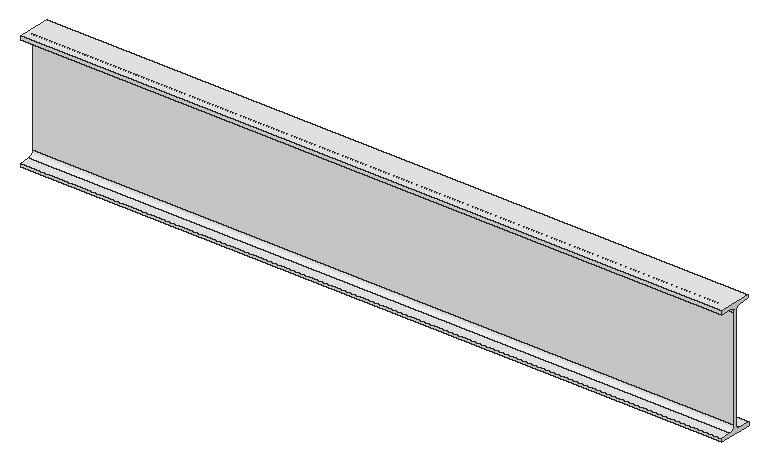
Revit family
Parameters (values of type "M200X9.7")
  시작 확장 계산 [instance] = 3012.5 mm + 시작 확장  # 3000 mm
  시작 확장 [instance] = -12.5 mm
  끝 확장 계산 [instance] = 3012.5 mm + 끝 확장  # 3000 mm
  끝 확장 [instance] = -12.5 mm
  보 재료 [instance] = 금속 - 스틸 - 345 MPa
  Assembly Code = ""
  A = 0.001 m²
  Length [instance] = 1524 mm
  W = 0.095
  bf = 57.9 mm
  d = 203 mm
  k = 14 mm
  tr = k - tf  # 9 mm
  tf = 5 mm
  tw = 3.4 mm
Types (2, lengths in mm): name | A | W | bf | d | tw
  M310X16.1 | 0.00205 m² | 0.158 | 77.9 | 304 | 4.1
  M200X9.7 | 0.001 m² | 0.095 | 57.9 | 203 | 3.4
Reference planes
  plane 1 "중심(앞/뒤)": y = 0
  plane 2: z = 0
  plane 3 "중심(왼쪽/오른쪽)": x = 4.61
  plane 4 "왼쪽 부재": x = -604.99
  plane 5 "오른쪽 부재": x = 614.21
  plane 6: y = 28.95
  plane 7: y = -28.95
  plane 8 "상단": z = 101.5
  plane 9: z = -101.5
  plane 10 "왼쪽": x = -757.39
  plane 11 "오른쪽": x = 766.61
  plane 12: x = -604.99
  plane 13: x = 614.21
  plane 14: x = 2395.01
  plane 15: x = -2385.79
Forms (mm)
  Sweep 1, solid, material "금속 - 스틸 - 345 MPa" <- "보 재료", detail levels medium
    path origin (0, 0, 0) x (1, 0, 0) y (0, 1, 0)
      loop
        line (614.21, 0) -> (-604.99, 0)
    profile "M_W-와이드 플랜지-프로파일-중간 : M_W-와이드 플랜지-프로파일-중간" origin (4.61, 0, 0) x (0, -1, 0) y (0, 0, 1)
      loop
        line (-28.95, -101.5) -> (28.95, -101.5) -> (28.95, -96.5) -> (1.7, -96.5) -> (1.7, 96.5) -> (28.95, 96.5) -> (28.95, 101.5) -> (-28.95, 101.5) -> (-28.95, 96.5) -> (-1.7, 96.5) -> (-1.7, -96.5) -> (-28.95, -96.5) -> (-28.95, -101.5)
  Sweep 2, solid, material "금속 - 스틸 - 345 MPa" <- "보 재료", detail levels fine
    path origin (0, 0, 0) x (1, 0, 0) y (0, 1, 0)
      loop
        line (614.21, 0) -> (-604.99, 0)
    profile "M_W-와이드 플랜지-프로파일-섬세 : M_W-와이드 플랜지-프로파일-섬세" origin (4.61, 0, 0) x (0, -1, 0) y (0, 0, 1)
      loop
        line (-28.95, -101.5) -> (28.95, -101.5) -> (28.95, -96.5) -> (10.7, -96.5)
        arc (10.7, -96.5) -> (4.336, -93.864) -> (1.7, -87.5) r 9
        line (1.7, -87.5) -> (1.7, 87.5)
        arc (1.7, 87.5) -> (4.336, 93.864) -> (10.7, 96.5) r 9
        line (10.7, 96.5) -> (28.95, 96.5) -> (28.95, 101.5) -> (-28.95, 101.5) -> (-28.95, 96.5) -> (-10.7, 96.5)
        arc (-10.7, 96.5) -> (-4.336, 93.864) -> (-1.7, 87.5) r 9
        line (-1.7, 87.5) -> (-1.7, -87.5)
        arc (-1.7, -87.5) -> (-4.336, -93.864) -> (-10.7, -96.5) r 9
        line (-10.7, -96.5) -> (-28.95, -96.5) -> (-28.95, -101.5)
Lines and regions (mm)
  symbolic lines, style "숨겨진 면", detail levels medium+fine
    curve 1: line (614.21, -1.7, 0) -> (-604.99, -1.7, 0)
    curve 2: line (614.21, 1.7, 0) -> (-604.99, 1.7, 0)
  symbolic lines, style "기호 부착", detail levels coarse
    curve 3: line (4.61, 28.95, 101.5) -> (4.61, -28.95, 101.5)
    curve 4: line (4.61, -28.95, -101.5) -> (4.61, 28.95, -101.5)
    curve 5: line (4.61, 0, -101.5) -> (4.61, 0, 101.5)
Dimensions and locks
  "bf": plane 6 to plane 7
  "d": plane 9 to plane 8 "상단"
  equal spacing: plane 9, plane 2, plane 8 "상단"
  equal spacing: plane 6, plane 1 "중심(앞/뒤)", plane 7
  "Length": plane 10 "왼쪽" to plane 11 "오른쪽"
  "tw": curve 2 to curve 1
  equal spacing: curve 2, plane 1 "중심(앞/뒤)", curve 1
  locked: plane 4 "왼쪽 부재" to plane 14 at 3000
  locked: plane 15 to plane 5 "오른쪽 부재" at 3000
  "시작 확장 계산": plane 12 to plane 14
  "끝 확장 계산": plane 15 to plane 13
  aligned and locked: Sweep 1 sketch curve to plane 1 "중심(앞/뒤)"
  aligned and locked: Sweep 2 sketch curve to plane 1 "중심(앞/뒤)"
  aligned and locked: Sweep 2 to curve 3  (x2)
  aligned and locked: Sweep 2 to curve 4  (x2)
  aligned and locked: curve 4 to Sweep 2
  aligned and locked: curve 3 to Sweep 2
  aligned and locked: plane 12 to Sweep 2 sketch curve
  aligned and locked: plane 13 to Sweep 2 sketch curve
  aligned and locked: plane 12 to Sweep 1 sketch curve
  aligned and locked: plane 13 to Sweep 1 sketch curve
  aligned and locked: plane 12 to curve 2
  aligned and locked: plane 12 to curve 1
  aligned and locked: plane 13 to curve 2
  aligned and locked: plane 13 to curve 1
Automatic sketch dimensions
  curve 5 to plane 1 "중심(앞/뒤)" = 0 mm
